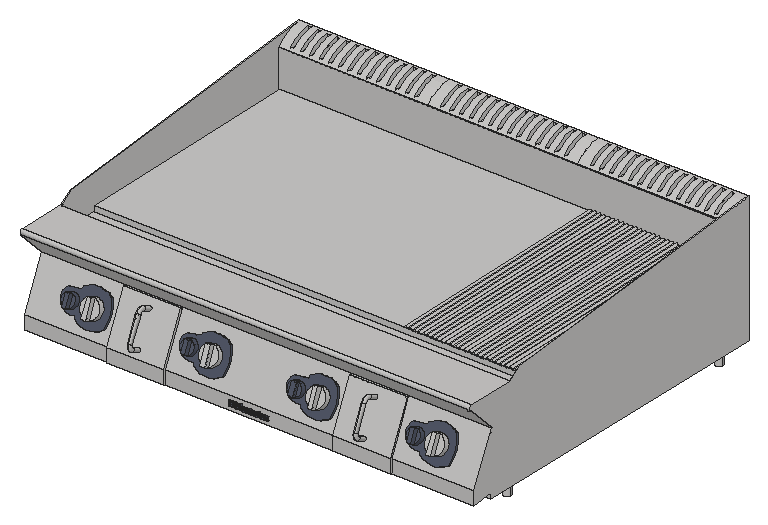
Revit family "QF_ELECTROLUXPROFESSIONAL_391592_E9IIKTAOMII", category Attrezzature speciali, Revit 2018
Family settings
  Quota connettore circolare = Usa diametro
  Tipo di parte = Normale
  Basato su piano di lavoro = No
  Sempre verticale = Sì
  Taglio con vuoti quando caricato = No
  Condiviso = No
  Punto di calcolo locali = No
Parameters (values of type "Standard")
  Weight = 150.00 kg
  Watts = 0 W
  Volts = 0 V
  URL Manufacturer = "https://www.electroluxprofessional.com/"
  URL = "https://www.electroluxprofessional.com/"
  Steam Supply Size = 0"
  Steam Supply Minimum Pressure = 0.00 psi
  Steam Supply Maximum Pressure = 0.00 psi
  Steam Consumption per Hour = 0
  Show Logo [instance] = yes
  Show Clearance [instance] = yes
  Refrigeration Suction Line Size = 0 mm
  Refrigeration Liquid Line Size = 0 mm
  Refrigerant Compressor Remote = yes
  Phase = 0
  Modello = "E9IIKTAOMII"
  Produttore = "Electrolux Professional"
  Length Actual = 1200 mm  # constant formula
  Item Number = "391592"
  Hot Water Size = 0"
  Height Actual = 250 mm  # constant formula
  HP = "0 HP"
  Gas Size = 1/2"
  Gas KW = 33
  Gas Input Pressure = 1.10632 Btu/h
  Direct Waste Size = 0"
  Descrizione = "GAS FRY TOP HP SMOOTH PLATE 1200MM-SCRATCH RESISTANT NITROCHROME3 - QMARK"
  Depth Actual = 930 mm  # constant formula
  Cycle = 0 Hz
  Condensate Return Size = 0"
  Compressed Air Volume = 0 GPM
  Compressed Air Size = 0"
  Compressed Air Pressure = 0.00 psi
  Cold Water Size = 0"
  Accessory = yes
Values of the unnamed type that differ from the named types
  Weight = 0.00 kg
  URL Manufacturer = ""
  Item Number = ""
  HP = ""
  Gas KW = 0
  Gas Input Pressure = 0.0 Btu/h
Reference planes
  plane 1 "BACK": y = 0
  plane 2: z = 0
  plane 3 "LEFT": x = 0
  plane 4 "RIGHT": x = 1200
  plane 5 "FRONT": y = -930
  plane 6 "TOP": z = 369
  plane 7 "Center Y": x = 600
  plane 8 "Center X": y = -465
  plane 9: z = 24
  plane 10: x = 1189
  plane 11: x = 11
  plane 12: z = 275
  plane 13: y = -82
  plane 14: y = -790
  plane 15: x = 8
  plane 16: x = 1192
  plane 17: y = -1106
Forms (mm)
  Extrusion 1, solid, material "QF_Finishes_Stainless Steel"
    sketch origin (0, 0, 0) x (0, 1, 0) y (0, 0, 1)
      loop
        line (-795, 275) -> (-922.639, 275)
        arc (-922.639, 275) -> (-929.44, 270.456) -> (-927.844, 262.434) r 7.361
        line (-927.844, 262.434) -> (-857.044, 191.634) -> (-915, 65.714) -> (-915, 30.922) -> (-860.028, 36.7) -> (-860.028, 24) -> (0, 24) -> (0, 215) -> (-795, 215) -> (-795, 275)
    from 0 to 1200
  Extrusion 2, solid, material "QF_Finishes_Stainless Steel"
    sketch origin (0, 0, 0) x (1, 0, 0) y (0, 1, 0)
      loop
        circle (11, -82) r 9.525
      loop
        circle (11, -790) r 9.525
      loop
        circle (1189, -82) r 9.525
      loop
        circle (1189, -790) r 9.525
    from 0 to 24
  Extrusion 3, solid, material "QF_Finishes_Navy Blue", visible <- "Show Logo"
    sketch origin (201.023, -915, 33.59) x (0, 0, 1) y (-1, 0, 0)
      loop
        line (20.486, -355.047) -> (8.12, -355.047)
        arc (8.12, -355.047) -> (14.303, -359.618) -> (20.486, -355.047) r 6.467
      loop
        arc (20.486, -354.418) -> (19.317, -349.275) -> (14.662, -346.797) r 6.338
        line (14.662, -346.797) -> (14.662, -348.843)
        arc (14.662, -348.843) -> (16.145, -352.498) -> (19.591, -354.418) r 5.941
        line (19.591, -354.418) -> (20.486, -354.418)
      loop
        arc (9.015, -354.418) -> (12.461, -352.498) -> (13.945, -348.843) r 5.941
        line (13.945, -348.843) -> (13.945, -346.797)
        arc (13.945, -346.797) -> (9.25, -349.271) -> (7.961, -354.418) r 6.504
        line (7.961, -354.418) -> (9.015, -354.418)
      loop
        line (21.161, -346.328) -> (7.417, -346.328) -> (7.417, -360.091) -> (21.161, -360.091) -> (21.161, -346.328)
      loop
        arc (21.245, -363.058) -> (20.897, -362.701) -> (20.53, -363.039) r 0.358
        arc (20.53, -363.039) -> (20.216, -363.789) -> (19.499, -364.174) r 1.216
        line (19.499, -364.174) -> (9.087, -364.174)
        arc (9.087, -364.174) -> (8.427, -363.896) -> (8.031, -363.3) r 1.238
        arc (8.031, -363.3) -> (7.636, -363.049) -> (7.33, -363.403) r 0.358
        line (7.33, -363.403) -> (7.33, -373.282) -> (10.081, -373.282) -> (10.081, -372.385)
        arc (10.081, -372.385) -> (9.172, -371.805) -> (8.717, -370.828) r 1.928
        line (8.717, -370.828) -> (8.717, -368.329)
        arc (8.717, -368.329) -> (8.992, -367.6) -> (9.681, -367.236) r 1.101
        line (9.681, -367.236) -> (13.767, -367.236) -> (13.767, -370.909)
        arc (13.767, -370.909) -> (13.415, -371.407) -> (12.849, -371.634) r 1.083
        arc (12.849, -371.634) -> (12.586, -371.94) -> (12.878, -372.218) r 0.292
        line (12.878, -372.218) -> (15.84, -372.218)
        arc (15.84, -372.218) -> (16.143, -371.945) -> (15.904, -371.615) r 0.305
        arc (15.904, -371.615) -> (15.414, -371.367) -> (15.109, -370.909) r 1.083
        line (15.109, -370.909) -> (15.109, -367.236) -> (19.786, -367.236) -> (19.786, -370.983)
        arc (19.786, -370.983) -> (19.572, -371.739) -> (18.965, -372.237) r 1.314
        arc (18.965, -372.237) -> (18.746, -372.641) -> (19.101, -372.933) r 0.361
        line (19.101, -372.933) -> (21.245, -372.933) -> (21.245, -363.058)
      loop
        arc (20.528, -373.714) -> (20.147, -374.633) -> (19.229, -375.013) r 1.299
        line (19.229, -375.013) -> (9.65, -375.013)
        arc (9.65, -375.013) -> (8.812, -374.635) -> (8.54, -373.757) r 1.118
        line (8.54, -373.757) -> (7.33, -373.757) -> (7.33, -379.107) -> (8.519, -379.107)
        arc (8.519, -379.107) -> (8.79, -378.19) -> (9.66, -377.794) r 1.153
        line (9.66, -377.794) -> (21.733, -377.794) -> (20.528, -373.714)
      loop
        line (12.295, -381.743) -> (12.295, -388.191) -> (13.094, -388.191)
        arc (13.094, -388.191) -> (15.675, -387.206) -> (16.943, -384.752) r 3.874
        line (16.943, -384.752) -> (16.943, -382.992)
        arc (16.943, -382.992) -> (15.757, -380.127) -> (12.892, -378.941) r 4.051
        line (12.892, -378.941) -> (10.884, -378.941)
        arc (10.884, -378.941) -> (8.066, -380.426) -> (7.014, -383.433) r 4.352
        arc (7.014, -383.433) -> (7.378, -385.896) -> (8.756, -387.97) r 5.713
        line (8.756, -387.97) -> (9.705, -387.97)
        arc (9.705, -387.97) -> (8.972, -386.401) -> (8.756, -384.683) r 5.579
        arc (8.756, -384.683) -> (9.55, -382.72) -> (11.429, -381.743) r 3.057
        line (11.429, -381.743) -> (12.295, -381.743)
      loop
        line (13.554, -381.743) -> (13.554, -385.325)
        arc (13.554, -385.325) -> (15.011, -385.372) -> (15.894, -384.213) r 1.59
        line (15.894, -384.213) -> (15.894, -383.383)
        arc (15.894, -383.383) -> (15.03, -382.128) -> (13.554, -381.743) r 2.184
      loop
        arc (16.345, -397.608) -> (16.834, -395.934) -> (16.992, -394.197) r 9.023
        line (16.992, -394.197) -> (16.992, -392.835)
        arc (16.992, -392.835) -> (15.832, -390.035) -> (13.033, -388.876) r 3.959
        line (13.033, -388.876) -> (10.432, -388.876)
        arc (10.432, -388.876) -> (8.151, -390.168) -> (7.033, -392.541) r 4.331
        line (7.033, -392.541) -> (7.033, -394.676)
        arc (7.033, -394.676) -> (7.542, -396.226) -> (8.463, -397.572) r 5.772
        arc (8.463, -397.572) -> (9.225, -397.623) -> (9.311, -396.864) r 0.553
        arc (9.311, -396.864) -> (8.924, -396.13) -> (8.79, -395.311) r 2.573
        line (8.79, -395.311) -> (8.79, -393.796)
        arc (8.79, -393.796) -> (9.796, -392.154) -> (11.61, -391.512) r 2.884
        line (11.61, -391.512) -> (12.889, -391.512)
        arc (12.889, -391.512) -> (14.71, -392.072) -> (15.637, -393.737) r 2.554
        line (15.637, -393.737) -> (15.637, -394.79)
        arc (15.637, -394.79) -> (15.305, -395.718) -> (14.648, -396.453) r 2.564
        arc (14.648, -396.453) -> (14.427, -397.17) -> (15.036, -397.608) r 0.643
        line (15.036, -397.608) -> (16.345, -397.608)
      loop
        line (15.327, -397.878) -> (15.327, -399.379) -> (9.279, -399.379)
        arc (9.279, -399.379) -> (7.691, -400.037) -> (7.033, -401.625) r 2.246
        line (7.033, -401.625) -> (7.033, -403.209)
        arc (7.033, -403.209) -> (7.347, -404.073) -> (7.848, -404.845) r 4.06
        arc (7.848, -404.845) -> (8.58, -404.978) -> (8.832, -404.277) r 0.576
        arc (8.832, -404.277) -> (8.726, -403.751) -> (8.79, -403.219) r 1.69
        arc (8.79, -403.219) -> (9.331, -402.431) -> (10.238, -402.128) r 1.506
        line (10.238, -402.128) -> (15.376, -402.128) -> (15.376, -404.525) -> (15.932, -405.081) -> (16.754, -405.081) -> (16.754, -402.222) -> (19.985, -402.222) -> (15.327, -397.878)
      loop
        line (7.251, -405.979) -> (7.251, -411.366) -> (8.361, -411.366)
        arc (8.361, -411.366) -> (8.755, -410.415) -> (9.706, -410.021) r 1.345
        line (9.706, -410.021) -> (13.322, -410.021)
        arc (13.322, -410.021) -> (14.087, -410.613) -> (14.376, -411.535) r 1.615
        line (14.376, -411.535) -> (14.376, -413.091) -> (16.932, -413.776) -> (16.932, -412.393) -> (14.989, -409.834) -> (16.87, -409.834) -> (16.585, -407.128)
        arc (16.585, -407.128) -> (16.146, -406.598) -> (15.487, -406.799) r 0.621
        arc (15.487, -406.799) -> (15.086, -407.141) -> (14.592, -407.324) r 1.501
        line (14.592, -407.324) -> (9.706, -407.324)
        arc (9.706, -407.324) -> (8.755, -406.93) -> (8.361, -405.979) r 1.345
        line (8.361, -405.979) -> (7.251, -405.979)
      loop
        line (13.353, -413.313) -> (10.66, -413.313)
        arc (10.66, -413.313) -> (8.215, -414.621) -> (7.081, -417.151) r 4.288
        arc (7.081, -417.151) -> (7.018, -418.532) -> (7.081, -419.912) r 15.022
        arc (7.081, -419.912) -> (8.215, -422.443) -> (10.66, -423.75) r 4.288
        line (10.66, -423.75) -> (13.353, -423.75)
        arc (13.353, -423.75) -> (15.798, -422.443) -> (16.932, -419.912) r 4.288
        arc (16.932, -419.912) -> (16.996, -418.532) -> (16.932, -417.151) r 15.022
        arc (16.932, -417.151) -> (15.798, -414.621) -> (13.353, -413.313) r 4.288
      loop
        line (13.557, -416.427) -> (10.456, -416.427)
        arc (10.456, -416.427) -> (8.299, -418.584) -> (10.456, -420.741) r 2.157
        line (10.456, -420.741) -> (13.557, -420.741)
        arc (13.557, -420.741) -> (15.714, -418.584) -> (13.557, -416.427) r 2.157
      loop
        arc (20.538, -423.608) -> (20.168, -424.502) -> (19.274, -424.873) r 1.264
        line (19.274, -424.873) -> (9.409, -424.873)
        arc (9.409, -424.873) -> (8.539, -424.476) -> (8.268, -423.56) r 1.153
        line (8.268, -423.56) -> (7.33, -423.56) -> (7.33, -428.668) -> (8.259, -428.668)
        arc (8.259, -428.668) -> (8.618, -427.896) -> (9.409, -427.581) r 1.153
        line (9.409, -427.581) -> (21.733, -427.581) -> (20.538, -423.608)
      loop
        arc (15.658, -428.206) -> (15.459, -429.27) -> (14.49, -429.752) r 1.215
        line (14.49, -429.752) -> (9.47, -429.752)
        arc (9.47, -429.752) -> (7.856, -430.399) -> (7.135, -431.982) r 2.338
        line (7.135, -431.982) -> (7.135, -433.497)
        arc (7.135, -433.497) -> (7.309, -434.501) -> (7.812, -435.387) r 2.979
        line (7.812, -435.387) -> (7.33, -437.184) -> (7.33, -438.872) -> (16.756, -438.872) -> (16.462, -434.669) -> (15.675, -434.669)
        arc (15.675, -434.669) -> (15.32, -435.505) -> (14.567, -436.014) r 1.605
        line (14.567, -436.014) -> (9.465, -436.014)
        arc (9.465, -436.014) -> (9.044, -435.077) -> (8.972, -434.053) r 2.94
        arc (8.972, -434.053) -> (9.532, -432.952) -> (10.686, -432.509) r 1.724
        line (10.686, -432.509) -> (16.882, -432.509) -> (15.658, -428.206)
      loop
        line (16.687, -439.726) -> (15.014, -441.772) -> (11.841, -444.078) -> (8.384, -440.966)
        arc (8.384, -440.966) -> (8.147, -440.572) -> (8.169, -440.113) r 0.789
        line (8.169, -440.113) -> (7.33, -440.113) -> (7.33, -443.658) -> (8.157, -443.658)
        arc (8.157, -443.658) -> (8.499, -443.296) -> (8.989, -443.388) r 0.52
        line (8.989, -443.388) -> (10.789, -444.859) -> (8.67, -446.235)
        arc (8.67, -446.235) -> (8.269, -445.925) -> (8.183, -445.425) r 0.7
        line (8.183, -445.425) -> (7.33, -445.425) -> (7.33, -451.352) -> (8.217, -451.352)
        arc (8.217, -451.352) -> (8.284, -450.693) -> (8.679, -450.162) r 1.247
        line (8.679, -450.162) -> (12.878, -446.881) -> (15.326, -448.934) -> (16.687, -450.676) -> (16.687, -446.952) -> (15.202, -447.375) -> (13.68, -446.098) -> (15.38, -444.908) -> (16.687, -445.684) -> (16.687, -439.726)
    from 0 to 1.644
  Extrusion 4, solid, material "QF_Finishes_Stainless Steel"
    sketch origin (0, 0, 0) x (0, 1, 0) y (0, 0, 1)
      loop
        line (0, 215) -> (0, 369) -> (-761.596, 296.916) -> (-795, 275) -> (-795, 215) -> (0, 215)
    from 0 to 1.6
  Extrusion 5, solid, material "QF_Finishes_Stainless Steel"
    sketch origin (1200, 0, 0) x (0, -1, 0) y (0, 0, 1)
      loop
        line (0, 215) -> (795, 215) -> (795, 275) -> (761.596, 296.916) -> (0, 369) -> (0, 215)
    from 0 to 1.6
  Extrusion 6, solid, material "QF_Finishes_Stainless Steel"
    sketch origin (0, 0, 37.263) x (0, 1, 0) y (0, 0, 1)
      loop
        line (0, 300.038) -> (0, 331.738)
        arc (0, 331.738) -> (-37.941, 322.534) -> (-69.85, 300.038) r 104.419
        line (-69.85, 300.038) -> (0, 300.038)
    from 0 to 400.05
  Extrusion 7, void
    sketch origin (0, 0, 311.9) x (0, -1, 0) y (1, 0, 0)
      loop
        line (6.761, 29.703) -> (63.911, 29.703) -> (63.911, 38.999) -> (6.761, 38.999) -> (6.761, 29.703)
      loop
        line (63.911, 64.487) -> (6.761, 64.487) -> (6.761, 55.191) -> (63.911, 55.191) -> (63.911, 64.487)
      loop
        line (63.911, 89.975) -> (6.761, 89.975) -> (6.761, 80.68) -> (63.911, 80.68) -> (63.911, 89.975)
      loop
        line (63.911, 115.464) -> (6.761, 115.464) -> (6.761, 106.168) -> (63.911, 106.168) -> (63.911, 115.464)
      loop
        line (63.911, 140.952) -> (6.761, 140.952) -> (6.761, 131.656) -> (63.911, 131.656) -> (63.911, 140.952)
      loop
        line (63.911, 166.44) -> (6.761, 166.44) -> (6.761, 157.145) -> (63.911, 157.145) -> (63.911, 166.44)
      loop
        line (63.911, 191.929) -> (6.761, 191.929) -> (6.761, 182.633) -> (63.911, 182.633) -> (63.911, 191.929)
      loop
        line (63.911, 217.417) -> (6.761, 217.417) -> (6.761, 208.121) -> (63.911, 208.121) -> (63.911, 217.417)
      loop
        line (63.911, 242.905) -> (6.761, 242.905) -> (6.761, 233.61) -> (63.911, 233.61) -> (63.911, 242.905)
      loop
        line (63.911, 268.394) -> (6.761, 268.394) -> (6.761, 259.098) -> (63.911, 259.098) -> (63.911, 268.394)
      loop
        line (63.911, 293.882) -> (6.761, 293.882) -> (6.761, 284.586) -> (63.911, 284.586) -> (63.911, 293.882)
      loop
        line (63.911, 319.37) -> (6.761, 319.37) -> (6.761, 310.075) -> (63.911, 310.075) -> (63.911, 319.37)
      loop
        line (63.911, 344.859) -> (6.761, 344.859) -> (6.761, 335.563) -> (63.911, 335.563) -> (63.911, 344.859)
      loop
        line (63.911, 370.347) -> (6.761, 370.347) -> (6.761, 361.051) -> (63.911, 361.051) -> (63.911, 370.347)
    from 27.825 to 63.5
  Extrusion 8, solid, material "QF_Finishes_Stainless Steel"
    sketch origin (400.05, 0, 37.263) x (0, 1, 0) y (0, 0, 1)
      loop
        line (0, 300.038) -> (0, 331.738)
        arc (0, 331.738) -> (-37.941, 322.534) -> (-69.85, 300.038) r 104.419
        line (-69.85, 300.038) -> (0, 300.038)
    from 0 to 400.05
  Extrusion 9, void
    sketch origin (400.05, 0, 311.9) x (0, -1, 0) y (1, 0, 0)
      loop
        line (6.761, 29.703) -> (63.911, 29.703) -> (63.911, 38.999) -> (6.761, 38.999) -> (6.761, 29.703)
      loop
        line (63.911, 64.487) -> (6.761, 64.487) -> (6.761, 55.191) -> (63.911, 55.191) -> (63.911, 64.487)
      loop
        line (63.911, 89.975) -> (6.761, 89.975) -> (6.761, 80.68) -> (63.911, 80.68) -> (63.911, 89.975)
      loop
        line (63.911, 115.464) -> (6.761, 115.464) -> (6.761, 106.168) -> (63.911, 106.168) -> (63.911, 115.464)
      loop
        line (63.911, 140.952) -> (6.761, 140.952) -> (6.761, 131.656) -> (63.911, 131.656) -> (63.911, 140.952)
      loop
        line (63.911, 166.44) -> (6.761, 166.44) -> (6.761, 157.145) -> (63.911, 157.145) -> (63.911, 166.44)
      loop
        line (63.911, 191.929) -> (6.761, 191.929) -> (6.761, 182.633) -> (63.911, 182.633) -> (63.911, 191.929)
      loop
        line (63.911, 217.417) -> (6.761, 217.417) -> (6.761, 208.121) -> (63.911, 208.121) -> (63.911, 217.417)
      loop
        line (63.911, 242.905) -> (6.761, 242.905) -> (6.761, 233.61) -> (63.911, 233.61) -> (63.911, 242.905)
      loop
        line (63.911, 268.394) -> (6.761, 268.394) -> (6.761, 259.098) -> (63.911, 259.098) -> (63.911, 268.394)
      loop
        line (63.911, 293.882) -> (6.761, 293.882) -> (6.761, 284.586) -> (63.911, 284.586) -> (63.911, 293.882)
      loop
        line (63.911, 319.37) -> (6.761, 319.37) -> (6.761, 310.075) -> (63.911, 310.075) -> (63.911, 319.37)
      loop
        line (63.911, 344.859) -> (6.761, 344.859) -> (6.761, 335.563) -> (63.911, 335.563) -> (63.911, 344.859)
      loop
        line (63.911, 370.347) -> (6.761, 370.347) -> (6.761, 361.051) -> (63.911, 361.051) -> (63.911, 370.347)
    from 27.825 to 63.5
  Extrusion 10, solid, material "QF_Finishes_Stainless Steel"
    sketch origin (800.1, 0, 37.263) x (0, 1, 0) y (0, 0, 1)
      loop
        line (0, 300.038) -> (0, 331.738)
        arc (0, 331.738) -> (-37.941, 322.534) -> (-69.85, 300.038) r 104.419
        line (-69.85, 300.038) -> (0, 300.038)
    from 0 to 399.9
  Extrusion 11, void
    sketch origin (800.1, 0, 311.9) x (0, -1, 0) y (1, 0, 0)
      loop
        line (6.761, 29.703) -> (63.911, 29.703) -> (63.911, 38.999) -> (6.761, 38.999) -> (6.761, 29.703)
      loop
        line (63.911, 64.487) -> (6.761, 64.487) -> (6.761, 55.191) -> (63.911, 55.191) -> (63.911, 64.487)
      loop
        line (63.911, 89.975) -> (6.761, 89.975) -> (6.761, 80.68) -> (63.911, 80.68) -> (63.911, 89.975)
      loop
        line (63.911, 115.464) -> (6.761, 115.464) -> (6.761, 106.168) -> (63.911, 106.168) -> (63.911, 115.464)
      loop
        line (63.911, 140.952) -> (6.761, 140.952) -> (6.761, 131.656) -> (63.911, 131.656) -> (63.911, 140.952)
      loop
        line (63.911, 166.44) -> (6.761, 166.44) -> (6.761, 157.145) -> (63.911, 157.145) -> (63.911, 166.44)
      loop
        line (63.911, 191.929) -> (6.761, 191.929) -> (6.761, 182.633) -> (63.911, 182.633) -> (63.911, 191.929)
      loop
        line (63.911, 217.417) -> (6.761, 217.417) -> (6.761, 208.121) -> (63.911, 208.121) -> (63.911, 217.417)
      loop
        line (63.911, 242.905) -> (6.761, 242.905) -> (6.761, 233.61) -> (63.911, 233.61) -> (63.911, 242.905)
      loop
        line (63.911, 268.394) -> (6.761, 268.394) -> (6.761, 259.098) -> (63.911, 259.098) -> (63.911, 268.394)
      loop
        line (63.911, 293.882) -> (6.761, 293.882) -> (6.761, 284.586) -> (63.911, 284.586) -> (63.911, 293.882)
      loop
        line (63.911, 319.37) -> (6.761, 319.37) -> (6.761, 310.075) -> (63.911, 310.075) -> (63.911, 319.37)
      loop
        line (63.911, 344.859) -> (6.761, 344.859) -> (6.761, 335.563) -> (63.911, 335.563) -> (63.911, 344.859)
      loop
        line (63.911, 370.347) -> (6.761, 370.347) -> (6.761, 361.051) -> (63.911, 361.051) -> (63.911, 370.347)
    from 27.825 to 63.5
  Extrusion 12, solid, material "QF_Finishes_Stainless Steel"
    sketch origin (0, 0, 0) x (0, 1, 0) y (0, 0, 1)
      loop
        line (-71.515, 238.235) -> (-689.956, 230) -> (-689.956, 215) -> (-71.515, 215) -> (-71.515, 238.235)
    from 8 to 1192
  Extrusion 13, solid, material "QF_Finishes_Stainless Steel"
    sketch origin (0, -795, 215) x (0, 1, 0) y (-1, 0, 0)
      loop
        line (795, -1.6) -> (723.485, -1.6) -> (723.485, -1198.4) -> (795, -1198.4) -> (795, -1.6)
    from 0 to 122.3
  Extrusion 14, solid, material "QF_Finishes_Stainless Steel"
    sketch origin (221.15, -201.228, -3.289) x (0, 1, 0) y (0, 0, 1)
      loop
        line (-657.416, 191.447) -> (-660.323, 192.784) -> (-716.972, 69.704) -> (-716.972, 34.211) -> (-713.772, 34.211) -> (-713.772, 69.003) -> (-657.416, 191.447)
    from 0 to 153.85
  Extrusion 15, solid, material "QF_Door-Drawer Clearances", visible <- "Show Clearance", detail levels coarse
    sketch origin (221.15, -201.228, -3.289) x (0, 1, 0) y (0, 0, 1)
      loop
        line (-660.323, 192.784) -> (-823.717, 192.784) -> (-880.366, 69.704) -> (-880.366, 34.211) -> (-716.972, 34.211) -> (-716.972, 69.704) -> (-660.323, 192.784)
    from 0 to 153.85
  Extrusion 16, solid, material "QF_Finishes_Stainless Steel"
    sketch origin (978.85, -201.228, -3.289) x (0, 1, 0) y (0, 0, -1)
      loop
        line (-657.416, -191.447) -> (-713.772, -69.003) -> (-713.772, -34.211) -> (-716.972, -34.211) -> (-716.972, -69.704) -> (-660.323, -192.784) -> (-657.416, -191.447)
    from 0 to 153.85
  Extrusion 17, solid, material "QF_Door-Drawer Clearances", visible <- "Show Clearance", detail levels coarse
    sketch origin (978.85, -201.228, -3.289) x (0, 1, 0) y (0, 0, -1)
      loop
        line (-660.323, -192.784) -> (-716.972, -69.704) -> (-716.972, -34.211) -> (-880.366, -34.211) -> (-880.366, -69.704) -> (-823.717, -192.784) -> (-660.323, -192.784)
    from 0 to 153.85
  Extrusion 18, solid, material "QF_Finishes_Navy Blue"
    sketch origin (-58.715, -915.512, 64.603) x (0, 0.418102, 0.9084) y (-1, 0, 0)
      loop
        arc (104.355, -502.587) -> (101.326, -501.258) -> (98.25, -500.039) r 91.066
        arc (98.25, -500.039) -> (96.592, -482.449) -> (93.213, -465.107) r 179.528
        arc (93.213, -465.107) -> (69.244, -452.795) -> (45.274, -465.107) r 29.489
        arc (45.274, -465.107) -> (38.909, -481.441) -> (37.449, -498.912) r 61.044
        arc (37.449, -498.912) -> (34.471, -499.962) -> (31.532, -501.116) r 91.066
        arc (31.532, -501.116) -> (19.517, -540.223) -> (32.929, -578.873) r 65.817
        arc (32.929, -578.873) -> (68.105, -585.173) -> (102.996, -577.452) r 91.066
        arc (102.996, -577.452) -> (115.418, -540.233) -> (104.355, -502.587) r 65.546
    from 0 to 3.175
  Extrusion 19, solid, material "QF_Finishes_Stainless Steel"
    sketch origin (320.035, -919.225, 64.128) x (0, 0.418102, 0.9084) y (-1, 0, 0)
      loop
        circle (68.826, -160.963) r 25.4
    from 0 to 12.7
  Extrusion 20, solid, material "QF_Finishes_Stainless Steel"
    sketch origin (320.035, -930.762, 69.438) x (0, 0.418102, 0.9084) y (-1, 0, 0)
      loop
        arc (93.558, -166.749) -> (94.226, -160.963) -> (93.558, -155.177) r 25.4
        line (93.558, -155.177) -> (44.094, -155.177)
        arc (44.094, -155.177) -> (43.426, -160.963) -> (44.094, -166.749) r 25.4
        line (44.094, -166.749) -> (93.558, -166.749)
    from 0 to 12.7
  Extrusion 21, solid, material "QF_Finishes_Navy Blue"
    sketch origin (262.535, -919.225, 64.128) x (0, 0.418102, 0.9084) y (-1, 0, 0)
      loop
        circle (68.826, -160.963) r 18.37
    from 0 to 12.7
  Extrusion 22, solid, material "QF_Finishes_Navy Blue"
    sketch origin (261.244, -930.762, 69.438) x (0, 0.418102, 0.9084) y (-1, 0, 0)
      loop
        arc (84.808, -167.687) -> (85.476, -161.901) -> (84.808, -156.114) r 25.4
        line (84.808, -156.114) -> (52.844, -156.114)
        arc (52.844, -156.114) -> (52.176, -161.901) -> (52.844, -167.687) r 25.4
        line (52.844, -167.687) -> (84.808, -167.687)
    from 0 to 8.112
  Extrusion 23, solid, material "QF_Finishes_Navy Blue"
    sketch origin (-376.215, -915.512, 64.603) x (0, 0.418102, 0.9084) y (-1, 0, 0)
      loop
        arc (104.355, -502.587) -> (101.326, -501.258) -> (98.25, -500.039) r 91.066
        arc (98.25, -500.039) -> (96.592, -482.449) -> (93.213, -465.107) r 179.528
        arc (93.213, -465.107) -> (69.244, -452.795) -> (45.274, -465.107) r 29.489
        arc (45.274, -465.107) -> (38.909, -481.441) -> (37.449, -498.912) r 61.044
        arc (37.449, -498.912) -> (34.471, -499.962) -> (31.532, -501.116) r 91.066
        arc (31.532, -501.116) -> (19.517, -540.223) -> (32.929, -578.873) r 65.817
        arc (32.929, -578.873) -> (68.105, -585.173) -> (102.996, -577.452) r 91.066
        arc (102.996, -577.452) -> (115.418, -540.233) -> (104.355, -502.587) r 65.546
    from 0 to 3.175
  Extrusion 24, solid, material "QF_Finishes_Stainless Steel"
    sketch origin (2.535, -919.225, 64.128) x (0, 0.418102, 0.9084) y (-1, 0, 0)
      loop
        circle (68.826, -160.963) r 25.4
    from 0 to 12.7
  Extrusion 25, solid, material "QF_Finishes_Stainless Steel"
    sketch origin (2.535, -930.762, 69.438) x (0, 0.418102, 0.9084) y (-1, 0, 0)
      loop
        arc (93.558, -166.749) -> (94.226, -160.963) -> (93.558, -155.177) r 25.4
        line (93.558, -155.177) -> (44.094, -155.177)
        arc (44.094, -155.177) -> (43.426, -160.963) -> (44.094, -166.749) r 25.4
        line (44.094, -166.749) -> (93.558, -166.749)
    from 0 to 12.7
  Extrusion 26, solid, material "QF_Finishes_Navy Blue"
    sketch origin (-54.965, -919.225, 64.128) x (0, 0.418102, 0.9084) y (-1, 0, 0)
      loop
        circle (68.826, -160.963) r 18.37
    from 0 to 12.7
  Extrusion 27, solid, material "QF_Finishes_Navy Blue"
    sketch origin (-56.256, -930.762, 69.438) x (0, 0.418102, 0.9084) y (-1, 0, 0)
      loop
        arc (84.808, -167.687) -> (85.476, -161.901) -> (84.808, -156.114) r 25.4
        line (84.808, -156.114) -> (52.844, -156.114)
        arc (52.844, -156.114) -> (52.176, -161.901) -> (52.844, -167.687) r 25.4
        line (52.844, -167.687) -> (84.808, -167.687)
    from 0 to 8.112
  Extrusion 28, solid, material "QF_Finishes_Navy Blue"
    sketch origin (545.135, -915.512, 64.603) x (0, 0.418102, 0.9084) y (-1, 0, 0)
      loop
        arc (104.355, -502.587) -> (101.326, -501.258) -> (98.25, -500.039) r 91.066
        arc (98.25, -500.039) -> (96.592, -482.449) -> (93.213, -465.107) r 179.528
        arc (93.213, -465.107) -> (69.244, -452.795) -> (45.274, -465.107) r 29.489
        arc (45.274, -465.107) -> (38.909, -481.441) -> (37.449, -498.912) r 61.044
        arc (37.449, -498.912) -> (34.471, -499.962) -> (31.532, -501.116) r 91.066
        arc (31.532, -501.116) -> (19.517, -540.223) -> (32.929, -578.873) r 65.817
        arc (32.929, -578.873) -> (68.105, -585.173) -> (102.996, -577.452) r 91.066
        arc (102.996, -577.452) -> (115.418, -540.233) -> (104.355, -502.587) r 65.546
    from 0 to 3.175
  Extrusion 29, solid, material "QF_Finishes_Stainless Steel"
    sketch origin (923.885, -919.225, 64.128) x (0, 0.418102, 0.9084) y (-1, 0, 0)
      loop
        circle (68.826, -160.963) r 25.4
    from 0 to 12.7
  Extrusion 30, solid, material "QF_Finishes_Stainless Steel"
    sketch origin (923.885, -930.762, 69.438) x (0, 0.418102, 0.9084) y (-1, 0, 0)
      loop
        arc (93.558, -166.749) -> (94.226, -160.963) -> (93.558, -155.177) r 25.4
        line (93.558, -155.177) -> (44.094, -155.177)
        arc (44.094, -155.177) -> (43.426, -160.963) -> (44.094, -166.749) r 25.4
        line (44.094, -166.749) -> (93.558, -166.749)
    from 0 to 12.7
  Extrusion 31, solid, material "QF_Finishes_Navy Blue"
    sketch origin (866.385, -919.225, 64.128) x (0, 0.418102, 0.9084) y (-1, 0, 0)
      loop
        circle (68.826, -160.963) r 18.37
    from 0 to 12.7
  Extrusion 32, solid, material "QF_Finishes_Navy Blue"
    sketch origin (865.094, -930.762, 69.438) x (0, 0.418102, 0.9084) y (-1, 0, 0)
      loop
        arc (84.808, -167.687) -> (85.476, -161.901) -> (84.808, -156.114) r 25.4
        line (84.808, -156.114) -> (52.844, -156.114)
        arc (52.844, -156.114) -> (52.176, -161.901) -> (52.844, -167.687) r 25.4
        line (52.844, -167.687) -> (84.808, -167.687)
    from 0 to 8.112
  Extrusion 33, solid, material "QF_Finishes_Navy Blue"
    sketch origin (227.635, -915.512, 64.603) x (0, 0.418102, 0.9084) y (-1, 0, 0)
      loop
        arc (104.355, -502.587) -> (101.326, -501.258) -> (98.25, -500.039) r 91.066
        arc (98.25, -500.039) -> (96.592, -482.449) -> (93.213, -465.107) r 179.528
        arc (93.213, -465.107) -> (69.244, -452.795) -> (45.274, -465.107) r 29.489
        arc (45.274, -465.107) -> (38.909, -481.441) -> (37.449, -498.912) r 61.044
        arc (37.449, -498.912) -> (34.471, -499.962) -> (31.532, -501.116) r 91.066
        arc (31.532, -501.116) -> (19.517, -540.223) -> (32.929, -578.873) r 65.817
        arc (32.929, -578.873) -> (68.105, -585.173) -> (102.996, -577.452) r 91.066
        arc (102.996, -577.452) -> (115.418, -540.233) -> (104.355, -502.587) r 65.546
    from 0 to 3.175
  Extrusion 34, solid, material "QF_Finishes_Stainless Steel"
    sketch origin (606.385, -919.225, 64.128) x (0, 0.418102, 0.9084) y (-1, 0, 0)
      loop
        circle (68.826, -160.963) r 25.4
    from 0 to 12.7
  Extrusion 35, solid, material "QF_Finishes_Stainless Steel"
    sketch origin (606.385, -930.762, 69.438) x (0, 0.418102, 0.9084) y (-1, 0, 0)
      loop
        arc (93.558, -166.749) -> (94.226, -160.963) -> (93.558, -155.177) r 25.4
        line (93.558, -155.177) -> (44.094, -155.177)
        arc (44.094, -155.177) -> (43.426, -160.963) -> (44.094, -166.749) r 25.4
        line (44.094, -166.749) -> (93.558, -166.749)
    from 0 to 12.7
  Extrusion 36, solid, material "QF_Finishes_Navy Blue"
    sketch origin (548.885, -919.225, 64.128) x (0, 0.418102, 0.9084) y (-1, 0, 0)
      loop
        circle (68.826, -160.963) r 18.37
    from 0 to 12.7
  Extrusion 37, solid, material "QF_Finishes_Navy Blue"
    sketch origin (547.594, -930.762, 69.438) x (0, 0.418102, 0.9084) y (-1, 0, 0)
      loop
        arc (84.808, -167.687) -> (85.476, -161.901) -> (84.808, -156.114) r 25.4
        line (84.808, -156.114) -> (52.844, -156.114)
        arc (52.844, -156.114) -> (52.176, -161.901) -> (52.844, -167.687) r 25.4
        line (52.844, -167.687) -> (84.808, -167.687)
    from 0 to 8.112
  Extrusion 38, solid, material "QF_Finishes_Stainless Steel"
    sketch origin (0, 0, 311.9) x (0, 0, 1) y (1, 0, 0)
      loop
        circle (-252.55, 1155) r 6.35
    from 0 to 1.6
  Sweep 39, solid, material "QF_Door-Drawer Clearances", visible <- "Show Clearance", detail levels coarse
    path origin (298.65, -364.622, -3.289) x (0, 1, 0) y (0, 0, 1)
      loop
        line (-670.615, 170.424) -> (-691.243, 179.918)
        arc (-691.243, 179.918) -> (-700.956, 180.294) -> (-708.09, 173.692) r 12.7
        line (-708.09, 173.692) -> (-735.638, 113.839)
        arc (-735.638, 113.839) -> (-736.013, 104.126) -> (-729.411, 96.993) r 12.7
        line (-729.411, 96.993) -> (-708.782, 87.498)
    profile origin (298.65, -1045.551, 171.882) x (0, -0.418102, -0.9084) y (1, 0, 0)
      loop
        circle (0, 0) r 4.572
  Sweep 40, solid, material "QF_Door-Drawer Clearances", visible <- "Show Clearance", detail levels coarse
    path origin (901.35, -364.622, -3.289) x (0, 1, 0) y (0, 0, -1)
      loop
        line (-670.615, -170.424) -> (-691.243, -179.918)
        arc (-691.243, -179.918) -> (-700.956, -180.294) -> (-708.09, -173.692) r 12.7
        line (-708.09, -173.692) -> (-735.638, -113.839)
        arc (-735.638, -113.839) -> (-736.013, -104.126) -> (-729.411, -96.993) r 12.7
        line (-729.411, -96.993) -> (-708.782, -87.498)
    profile origin (901.35, -1045.551, 171.882) x (0, 0.418102, 0.9084) y (-1, 0, 0)
      loop
        circle (0, 0) r 4.572
  Extrusion 41, void
    sketch origin (0, 0, 0) x (1, 0, 0) y (0, 1, 0)
      loop
        circle (299.572, -743.936) r 20
      loop
        circle (900.428, -743.936) r 20
    from 174.463 to 215
  Extrusion 42, solid, material "QF_Clearances", visible <- "Show Clearance", detail levels coarse
    sketch origin (0, 0, 0) x (1, 0, 0) y (0, 1, 0)
      loop
        line (1200, -930) -> (1300, -930) -> (1300, 100) -> (-100, 100) -> (-100, -930) -> (0, -930) -> (0, 0) -> (1200, 0) -> (1200, -930)
    from 0 to 369
  Sweep 43, solid, material "QF_Finishes_Stainless Steel"
    path origin (432.78, 0, 0) x (0, 1, 0) y (0, 0, 1)
      loop
        line (-71.515, 238.235) -> (-689.956, 230)
    profile origin (432.78, -380.735, 234.118) x (0, 0.013315, -0.999911) y (1, 0, 0)
      loop
        line (0, 759.22) -> (-3.736, 755.344) -> (0, 751.467) -> (0, 759.22)
      loop
        line (0, 747.086) -> (-3.736, 743.209) -> (0, 739.332) -> (0, 747.086)
      loop
        line (0, 734.951) -> (-3.736, 731.075) -> (0, 727.198) -> (0, 734.951)
      loop
        line (0, 722.817) -> (-3.736, 718.94) -> (0, 715.063) -> (0, 722.817)
      loop
        line (0, 710.682) -> (-3.736, 706.806) -> (0, 702.929) -> (0, 710.682)
      loop
        line (0, 698.548) -> (-3.736, 694.671) -> (0, 690.794) -> (0, 698.548)
      loop
        line (0, 686.413) -> (-3.736, 682.537) -> (0, 678.66) -> (0, 686.413)
      loop
        line (0, 674.279) -> (-3.736, 670.402) -> (0, 666.525) -> (0, 674.279)
      loop
        line (0, 662.144) -> (-3.736, 658.268) -> (0, 654.391) -> (0, 662.144)
      loop
        line (0, 650.01) -> (-3.736, 646.133) -> (0, 642.256) -> (0, 650.01)
      loop
        line (0, 637.875) -> (-3.736, 633.999) -> (0, 630.122) -> (0, 637.875)
      loop
        line (0, 625.741) -> (-3.736, 621.864) -> (0, 617.987) -> (0, 625.741)
      loop
        line (0, 613.606) -> (-3.736, 609.73) -> (0, 605.853) -> (0, 613.606)
      loop
        line (0, 601.472) -> (-3.736, 597.595) -> (0, 593.718) -> (0, 601.472)
      loop
        line (0, 589.337) -> (-3.736, 585.46) -> (0, 581.584) -> (0, 589.337)
      loop
        line (0, 577.203) -> (-3.736, 573.326) -> (0, 569.449) -> (0, 577.203)
      loop
        line (0, 565.068) -> (-3.736, 561.191) -> (0, 557.315) -> (0, 565.068)
      loop
        line (0, 552.934) -> (-3.736, 549.057) -> (0, 545.18) -> (0, 552.934)
      loop
        line (0, 540.799) -> (-3.736, 536.922) -> (0, 533.046) -> (0, 540.799)
      loop
        line (0, 528.665) -> (-3.736, 524.788) -> (0, 520.911) -> (0, 528.665)
      loop
        line (0, 516.53) -> (-3.736, 512.653) -> (0, 508.777) -> (0, 516.53)
      loop
        line (0, 504.396) -> (-3.736, 500.519) -> (0, 496.642) -> (0, 504.396)
      loop
        line (0, 492.261) -> (-3.736, 488.384) -> (0, 484.508) -> (0, 492.261)
      loop
        line (0, 480.127) -> (-3.736, 476.25) -> (0, 472.373) -> (0, 480.127)
      loop
        line (0, 467.992) -> (-3.736, 464.115) -> (0, 460.239) -> (0, 467.992)
      loop
        line (0, 455.857) -> (-3.736, 451.981) -> (0, 448.104) -> (0, 455.857)
      loop
        line (0, 443.723) -> (-3.736, 439.846) -> (0, 435.969) -> (0, 443.723)
      loop
        line (0, 431.588) -> (-3.736, 427.712) -> (0, 423.835) -> (0, 431.588)
      loop
        line (0, 419.454) -> (-3.736, 415.577) -> (0, 411.7) -> (0, 419.454)
      loop
        line (0, 407.319) -> (-3.736, 403.443) -> (0, 399.566) -> (0, 407.319)
  Sweep 44, solid, material "QF_Finishes_Stainless Steel"
    path origin (298.65, -201.228, -3.289) x (0, 1, 0) y (0, 0, 1)
      loop
        line (-670.615, 170.424) -> (-691.243, 179.918)
        arc (-691.243, 179.918) -> (-700.956, 180.294) -> (-708.09, 173.692) r 12.7
        line (-708.09, 173.692) -> (-735.638, 113.839)
        arc (-735.638, 113.839) -> (-736.013, 104.126) -> (-729.411, 96.993) r 12.7
        line (-729.411, 96.993) -> (-708.782, 87.498)
    profile origin (298.65, -882.157, 171.882) x (0, -0.418102, -0.9084) y (1, 0, 0)
      loop
        circle (0, 0) r 4.572
  Sweep 45, solid, material "QF_Finishes_Stainless Steel"
    path origin (901.35, -201.228, -3.289) x (0, 1, 0) y (0, 0, -1)
      loop
        line (-670.615, -170.424) -> (-691.243, -179.918)
        arc (-691.243, -179.918) -> (-700.956, -180.294) -> (-708.09, -173.692) r 12.7
        line (-708.09, -173.692) -> (-735.638, -113.839)
        arc (-735.638, -113.839) -> (-736.013, -104.126) -> (-729.411, -96.993) r 12.7
        line (-729.411, -96.993) -> (-708.782, -87.498)
    profile origin (901.35, -882.157, 171.882) x (0, 0.418102, 0.9084) y (-1, 0, 0)
      loop
        circle (0, 0) r 4.572
Cuts and joins
  Extrusion 41 cuts Extrusion 1
  Extrusion 7, Extrusion 9 cuts Extrusion 6
  Extrusion 9, Extrusion 11 cuts Extrusion 8
  Extrusion 11 cuts Extrusion 10
  joined: Extrusion 1, Extrusion 4, Extrusion 5, Extrusion 6, Extrusion 8, Extrusion 10, Extrusion 13
Lines and regions (mm)
  symbolic lines
    curve 1: circle (299.572, -743.936, 0) r 20 normal (0, 0, 1)
    curve 2: circle (900.428, -743.936, 0) r 20 normal (0, 0, -1)
    curve 3: line (1200, -930, 0) -> (0, -930, 0)
    curve 4: line (0, 0, 0) -> (0, -930, 0)
    curve 5: line (1200, -930, 0) -> (1200, 0, 0)
    curve 6: line (1200, 0, 0) -> (0, 0, 0)
    curve 7: line (0, -689.956, 0) -> (1200, -689.956, 0)
    curve 8: line (1198.4, -795, 0) -> (1.6, -795, 0)
    curve 27: line (0, -71.515, 0) -> (1200, -71.515, 0)
    curve 28: line (1170.447, -63.911, 0) -> (1161.151, -63.911, 0)
    curve 29: line (1170.447, -6.761, 0) -> (1170.447, -63.911, 0)
    curve 30: line (1161.151, -6.761, 0) -> (1170.447, -6.761, 0)
    curve 31: line (1161.151, -63.911, 0) -> (1161.151, -6.761, 0)
    curve 32: line (1144.959, -63.911, 0) -> (1135.663, -63.911, 0)
    curve 33: line (1144.959, -6.761, 0) -> (1144.959, -63.911, 0)
    curve 34: line (1135.663, -6.761, 0) -> (1144.959, -6.761, 0)
    curve 35: line (1135.663, -63.911, 0) -> (1135.663, -6.761, 0)
    curve 36: line (1119.47, -63.911, 0) -> (1110.175, -63.911, 0)
    curve 37: line (1119.47, -6.761, 0) -> (1119.47, -63.911, 0)
    curve 38: line (1110.175, -6.761, 0) -> (1119.47, -6.761, 0)
    curve 39: line (1110.175, -63.911, 0) -> (1110.175, -6.761, 0)
    curve 40: line (1093.982, -63.911, 0) -> (1084.686, -63.911, 0)
    curve 41: line (1093.982, -6.761, 0) -> (1093.982, -63.911, 0)
    curve 42: line (1084.686, -6.761, 0) -> (1093.982, -6.761, 0)
    curve 43: line (1084.686, -63.911, 0) -> (1084.686, -6.761, 0)
    curve 44: line (1068.494, -63.911, 0) -> (1059.198, -63.911, 0)
    curve 45: line (1068.494, -6.761, 0) -> (1068.494, -63.911, 0)
    curve 46: line (1059.198, -6.761, 0) -> (1068.494, -6.761, 0)
    curve 47: line (1059.198, -63.911, 0) -> (1059.198, -6.761, 0)
    curve 48: line (1043.005, -63.911, 0) -> (1033.71, -63.911, 0)
    curve 49: line (1043.005, -6.761, 0) -> (1043.005, -63.911, 0)
    curve 50: line (1033.71, -6.761, 0) -> (1043.005, -6.761, 0)
    curve 51: line (1033.71, -63.911, 0) -> (1033.71, -6.761, 0)
    curve 52: line (1017.517, -63.911, 0) -> (1008.221, -63.911, 0)
    curve 53: line (1017.517, -6.761, 0) -> (1017.517, -63.911, 0)
    curve 54: line (1008.221, -6.761, 0) -> (1017.517, -6.761, 0)
    curve 55: line (1008.221, -63.911, 0) -> (1008.221, -6.761, 0)
    curve 56: line (992.029, -63.911, 0) -> (982.733, -63.911, 0)
    curve 57: line (992.029, -6.761, 0) -> (992.029, -63.911, 0)
    curve 58: line (982.733, -6.761, 0) -> (992.029, -6.761, 0)
    curve 59: line (982.733, -63.911, 0) -> (982.733, -6.761, 0)
    curve 60: line (966.54, -63.911, 0) -> (957.245, -63.911, 0)
    curve 61: line (966.54, -6.761, 0) -> (966.54, -63.911, 0)
    curve 62: line (957.245, -6.761, 0) -> (966.54, -6.761, 0)
    curve 63: line (957.245, -63.911, 0) -> (957.245, -6.761, 0)
    curve 64: line (941.052, -63.911, 0) -> (931.756, -63.911, 0)
    curve 65: line (941.052, -6.761, 0) -> (941.052, -63.911, 0)
    curve 66: line (931.756, -6.761, 0) -> (941.052, -6.761, 0)
    curve 67: line (931.756, -63.911, 0) -> (931.756, -6.761, 0)
    curve 68: line (915.564, -63.911, 0) -> (906.268, -63.911, 0)
    curve 69: line (915.564, -6.761, 0) -> (915.564, -63.911, 0)
    curve 70: line (906.268, -6.761, 0) -> (915.564, -6.761, 0)
    curve 71: line (906.268, -63.911, 0) -> (906.268, -6.761, 0)
    curve 72: line (890.075, -63.911, 0) -> (880.78, -63.911, 0)
    curve 73: line (890.075, -6.761, 0) -> (890.075, -63.911, 0)
    curve 74: line (880.78, -6.761, 0) -> (890.075, -6.761, 0)
    curve 75: line (880.78, -63.911, 0) -> (880.78, -6.761, 0)
    curve 76: line (864.587, -63.911, 0) -> (855.291, -63.911, 0)
    curve 77: line (864.587, -6.761, 0) -> (864.587, -63.911, 0)
    curve 78: line (855.291, -6.761, 0) -> (864.587, -6.761, 0)
    curve 79: line (855.291, -63.911, 0) -> (855.291, -6.761, 0)
    curve 80: line (839.099, -63.911, 0) -> (829.803, -63.911, 0)
    curve 81: line (839.099, -6.761, 0) -> (839.099, -63.911, 0)
    curve 82: line (829.803, -6.761, 0) -> (839.099, -6.761, 0)
    curve 83: line (829.803, -63.911, 0) -> (829.803, -6.761, 0)
    curve 84: line (770.397, -63.911, 0) -> (761.101, -63.911, 0)
    curve 85: line (770.397, -6.761, 0) -> (770.397, -63.911, 0)
    curve 86: line (761.101, -6.761, 0) -> (770.397, -6.761, 0)
    curve 87: line (761.101, -63.911, 0) -> (761.101, -6.761, 0)
    curve 88: line (744.909, -63.911, 0) -> (735.613, -63.911, 0)
    curve 89: line (744.909, -6.761, 0) -> (744.909, -63.911, 0)
    curve 90: line (735.613, -6.761, 0) -> (744.909, -6.761, 0)
    curve 91: line (735.613, -63.911, 0) -> (735.613, -6.761, 0)
    curve 92: line (719.42, -63.911, 0) -> (710.125, -63.911, 0)
    curve 93: line (719.42, -6.761, 0) -> (719.42, -63.911, 0)
    curve 94: line (710.125, -6.761, 0) -> (719.42, -6.761, 0)
    curve 95: line (710.125, -63.911, 0) -> (710.125, -6.761, 0)
    curve 96: line (693.932, -63.911, 0) -> (684.636, -63.911, 0)
    curve 97: line (693.932, -6.761, 0) -> (693.932, -63.911, 0)
    curve 98: line (684.636, -6.761, 0) -> (693.932, -6.761, 0)
    curve 99: line (684.636, -63.911, 0) -> (684.636, -6.761, 0)
    curve 100: line (668.444, -63.911, 0) -> (659.148, -63.911, 0)
    curve 101: line (668.444, -6.761, 0) -> (668.444, -63.911, 0)
    curve 102: line (659.148, -6.761, 0) -> (668.444, -6.761, 0)
    curve 103: line (659.148, -63.911, 0) -> (659.148, -6.761, 0)
    curve 104: line (642.955, -63.911, 0) -> (633.66, -63.911, 0)
    curve 105: line (642.955, -6.761, 0) -> (642.955, -63.911, 0)
    curve 106: line (633.66, -6.761, 0) -> (642.955, -6.761, 0)
    curve 107: line (633.66, -63.911, 0) -> (633.66, -6.761, 0)
    curve 108: line (617.467, -63.911, 0) -> (608.171, -63.911, 0)
    curve 109: line (617.467, -6.761, 0) -> (617.467, -63.911, 0)
    curve 110: line (608.171, -6.761, 0) -> (617.467, -6.761, 0)
    curve 111: line (608.171, -63.911, 0) -> (608.171, -6.761, 0)
    curve 112: line (591.979, -63.911, 0) -> (582.683, -63.911, 0)
    curve 113: line (591.979, -6.761, 0) -> (591.979, -63.911, 0)
    curve 114: line (582.683, -6.761, 0) -> (591.979, -6.761, 0)
    curve 115: line (582.683, -63.911, 0) -> (582.683, -6.761, 0)
    curve 116: line (566.49, -63.911, 0) -> (557.195, -63.911, 0)
    curve 117: line (566.49, -6.761, 0) -> (566.49, -63.911, 0)
    curve 118: line (557.195, -6.761, 0) -> (566.49, -6.761, 0)
    curve 119: line (557.195, -63.911, 0) -> (557.195, -6.761, 0)
    curve 120: line (541.002, -63.911, 0) -> (531.706, -63.911, 0)
    curve 121: line (541.002, -6.761, 0) -> (541.002, -63.911, 0)
    curve 122: line (531.706, -6.761, 0) -> (541.002, -6.761, 0)
    curve 123: line (531.706, -63.911, 0) -> (531.706, -6.761, 0)
    curve 124: line (515.514, -63.911, 0) -> (506.218, -63.911, 0)
    curve 125: line (515.514, -6.761, 0) -> (515.514, -63.911, 0)
    curve 126: line (506.218, -6.761, 0) -> (515.514, -6.761, 0)
    curve 127: line (506.218, -63.911, 0) -> (506.218, -6.761, 0)
    curve 128: line (490.025, -63.911, 0) -> (480.73, -63.911, 0)
    curve 129: line (490.025, -6.761, 0) -> (490.025, -63.911, 0)
    curve 130: line (480.73, -6.761, 0) -> (490.025, -6.761, 0)
    curve 131: line (480.73, -63.911, 0) -> (480.73, -6.761, 0)
    curve 132: line (464.537, -63.911, 0) -> (455.241, -63.911, 0)
    curve 133: line (464.537, -6.761, 0) -> (464.537, -63.911, 0)
    curve 134: line (455.241, -6.761, 0) -> (464.537, -6.761, 0)
    curve 135: line (455.241, -63.911, 0) -> (455.241, -6.761, 0)
    curve 136: line (439.049, -63.911, 0) -> (429.753, -63.911, 0)
    curve 137: line (439.049, -6.761, 0) -> (439.049, -63.911, 0)
    curve 138: line (429.753, -6.761, 0) -> (439.049, -6.761, 0)
    curve 139: line (429.753, -63.911, 0) -> (429.753, -6.761, 0)
    curve 140: line (370.347, -63.911, 0) -> (361.051, -63.911, 0)
    curve 141: line (370.347, -6.761, 0) -> (370.347, -63.911, 0)
    curve 142: line (361.051, -6.761, 0) -> (370.347, -6.761, 0)
    curve 143: line (361.051, -63.911, 0) -> (361.051, -6.761, 0)
    curve 144: line (344.859, -63.911, 0) -> (335.563, -63.911, 0)
    curve 145: line (344.859, -6.761, 0) -> (344.859, -63.911, 0)
    curve 146: line (335.563, -6.761, 0) -> (344.859, -6.761, 0)
    curve 147: line (335.563, -63.911, 0) -> (335.563, -6.761, 0)
    curve 148: line (319.37, -63.911, 0) -> (310.075, -63.911, 0)
    curve 149: line (319.37, -6.761, 0) -> (319.37, -63.911, 0)
    curve 150: line (310.075, -6.761, 0) -> (319.37, -6.761, 0)
    curve 151: line (310.075, -63.911, 0) -> (310.075, -6.761, 0)
    curve 152: line (293.882, -63.911, 0) -> (284.586, -63.911, 0)
    curve 153: line (293.882, -6.761, 0) -> (293.882, -63.911, 0)
    curve 154: line (284.586, -6.761, 0) -> (293.882, -6.761, 0)
    curve 155: line (284.586, -63.911, 0) -> (284.586, -6.761, 0)
    curve 156: line (268.394, -63.911, 0) -> (259.098, -63.911, 0)
    curve 157: line (268.394, -6.761, 0) -> (268.394, -63.911, 0)
    curve 158: line (259.098, -6.761, 0) -> (268.394, -6.761, 0)
    curve 159: line (259.098, -63.911, 0) -> (259.098, -6.761, 0)
    curve 160: line (242.905, -63.911, 0) -> (233.61, -63.911, 0)
    curve 161: line (242.905, -6.761, 0) -> (242.905, -63.911, 0)
    curve 162: line (233.61, -6.761, 0) -> (242.905, -6.761, 0)
    curve 163: line (233.61, -63.911, 0) -> (233.61, -6.761, 0)
    curve 164: line (217.417, -63.911, 0) -> (208.121, -63.911, 0)
    curve 165: line (217.417, -6.761, 0) -> (217.417, -63.911, 0)
    curve 166: line (208.121, -6.761, 0) -> (217.417, -6.761, 0)
    curve 167: line (208.121, -63.911, 0) -> (208.121, -6.761, 0)
    curve 168: line (191.929, -63.911, 0) -> (182.633, -63.911, 0)
    curve 169: line (191.929, -6.761, 0) -> (191.929, -63.911, 0)
    curve 170: line (182.633, -6.761, 0) -> (191.929, -6.761, 0)
    curve 171: line (182.633, -63.911, 0) -> (182.633, -6.761, 0)
    curve 172: line (166.44, -63.911, 0) -> (157.145, -63.911, 0)
    curve 173: line (166.44, -6.761, 0) -> (166.44, -63.911, 0)
    curve 174: line (157.145, -6.761, 0) -> (166.44, -6.761, 0)
    curve 175: line (157.145, -63.911, 0) -> (157.145, -6.761, 0)
    curve 176: line (140.952, -63.911, 0) -> (131.656, -63.911, 0)
    curve 177: line (140.952, -6.761, 0) -> (140.952, -63.911, 0)
    curve 178: line (131.656, -6.761, 0) -> (140.952, -6.761, 0)
    curve 179: line (131.656, -63.911, 0) -> (131.656, -6.761, 0)
    curve 180: line (115.464, -63.911, 0) -> (106.168, -63.911, 0)
    curve 181: line (115.464, -6.761, 0) -> (115.464, -63.911, 0)
    curve 182: line (106.168, -6.761, 0) -> (115.464, -6.761, 0)
    curve 183: line (106.168, -63.911, 0) -> (106.168, -6.761, 0)
    curve 184: line (89.975, -63.911, 0) -> (80.68, -63.911, 0)
    curve 185: line (89.975, -6.761, 0) -> (89.975, -63.911, 0)
    curve 186: line (80.68, -6.761, 0) -> (89.975, -6.761, 0)
    curve 187: line (80.68, -63.911, 0) -> (80.68, -6.761, 0)
    curve 188: line (64.487, -63.911, 0) -> (55.191, -63.911, 0)
    curve 189: line (64.487, -6.761, 0) -> (64.487, -63.911, 0)
    curve 190: line (55.191, -6.761, 0) -> (64.487, -6.761, 0)
    curve 191: line (55.191, -63.911, 0) -> (55.191, -6.761, 0)
    curve 192: line (38.999, -63.911, 0) -> (29.703, -63.911, 0)
    curve 193: line (38.999, -6.761, 0) -> (38.999, -63.911, 0)
    curve 194: line (29.703, -6.761, 0) -> (38.999, -6.761, 0)
    curve 195: line (29.703, -63.911, 0) -> (29.703, -6.761, 0)
    curve 199: line (836.222, -71.515, 0) -> (836.222, -689.956, 0)
    curve 200: line (848.357, -71.515, 0) -> (848.357, -689.956, 0)
    curve 201: line (860.491, -71.515, 0) -> (860.491, -689.956, 0)
    curve 202: line (872.626, -71.515, 0) -> (872.626, -689.956, 0)
    curve 203: line (884.76, -71.515, 0) -> (884.76, -689.956, 0)
    curve 204: line (896.895, -71.515, 0) -> (896.895, -689.956, 0)
    curve 205: line (909.029, -71.515, 0) -> (909.029, -689.956, 0)
    curve 206: line (921.164, -71.515, 0) -> (921.164, -689.956, 0)
    curve 207: line (933.298, -71.515, 0) -> (933.298, -689.956, 0)
    curve 208: line (945.433, -71.515, 0) -> (945.433, -689.956, 0)
    curve 209: line (957.567, -71.515, 0) -> (957.567, -689.956, 0)
    curve 210: line (969.702, -71.515, 0) -> (969.702, -689.956, 0)
    curve 211: line (981.836, -71.515, 0) -> (981.836, -689.956, 0)
    curve 212: line (993.971, -71.515, 0) -> (993.971, -689.956, 0)
    curve 213: line (1006.105, -71.515, 0) -> (1006.105, -689.956, 0)
    curve 214: line (1018.24, -71.515, 0) -> (1018.24, -689.956, 0)
    curve 215: line (1030.374, -71.515, 0) -> (1030.374, -689.956, 0)
    curve 216: line (1042.509, -71.515, 0) -> (1042.509, -689.956, 0)
    curve 217: line (1054.644, -71.515, 0) -> (1054.644, -689.956, 0)
    curve 218: line (1066.778, -71.515, 0) -> (1066.778, -689.956, 0)
    curve 219: line (1078.913, -71.515, 0) -> (1078.913, -689.956, 0)
    curve 220: line (1091.047, -71.515, 0) -> (1091.047, -689.956, 0)
    curve 221: line (1103.182, -71.515, 0) -> (1103.182, -689.956, 0)
    curve 222: line (1115.316, -71.515, 0) -> (1115.316, -689.956, 0)
    curve 223: line (1127.451, -71.515, 0) -> (1127.451, -689.956, 0)
    curve 224: line (1139.585, -71.515, 0) -> (1139.585, -689.956, 0)
    curve 225: line (1151.72, -71.515, 0) -> (1151.72, -689.956, 0)
    curve 226: line (1163.854, -71.515, 0) -> (1163.854, -689.956, 0)
    curve 227: line (1175.989, -71.515, 0) -> (1175.989, -689.956, 0)
    curve 228: line (1188.123, -71.515, 0) -> (1188.123, -689.956, 0)
    curve 229: line (400.05, -71.515, 0) -> (400.05, 0, 0)
    curve 230: line (800.1, -71.515, 0) -> (800.1, 0, 0)
  symbolic lines, style "QF_Door-Drawer Clearances"
    curve 9: line (221.15, -930, 0) -> (221.15, -1081.594, 0)
    curve 10: line (221.15, -1081.594, 0) -> (294.081, -1081.594, 0)
    curve 11: line (375, -1081.594, 0) -> (375, -930, 0)
    curve 12: spline (294.081, -1035.236, 0) -> (294.113, -1034.988, 0) -> (294.209, -1034.744, 0) -> (294.367, -1034.509, 0) -> (294.585, -1034.286, 0) -> (294.858, -1034.079, 0) -> (295.183, -1033.892, 0) -> (295.552, -1033.728, 0) -> (295.961, -1033.59, 0) -> (296.402, -1033.48, 0) -> (296.868, -1033.4, 0) -> (297.35, -1033.352, 0) -> (297.841, -1033.336, 0)
    curve 13: spline (297.841, -1033.336, 0) -> (298.509, -1033.314, 0) -> (299.178, -1033.332, 0) -> (299.834, -1033.388, 0) -> (300.463, -1033.483, 0) -> (301.053, -1033.614, 0) -> (301.591, -1033.778, 0) -> (302.067, -1033.972, 0) -> (302.47, -1034.193, 0) -> (302.792, -1034.434, 0) -> (303.028, -1034.692, 0) -> (303.171, -1034.961, 0) -> (303.219, -1035.236, 0)
    curve 14: line (294.081, -1035.236, 0) -> (294.081, -1101.431, 0)
    curve 15: line (303.219, -1035.236, 0) -> (303.219, -1101.431, 0)
    curve 16: arc (294.081, -1101.431, 0) -> (298.65, -1106, 0) -> (303.219, -1101.431, 0) r 4.569
    curve 17: line (303.219, -1081.594, 0) -> (375, -1081.594, 0)
    curve 18: line (825, -930, 0) -> (825, -1081.594, 0)
    curve 19: line (825, -1081.594, 0) -> (897.931, -1081.594, 0)
    curve 20: line (978.85, -1081.594, 0) -> (978.85, -930, 0)
    curve 21: spline (897.931, -1035.236, 0) -> (897.963, -1034.988, 0) -> (898.059, -1034.744, 0) -> (898.217, -1034.509, 0) -> (898.435, -1034.286, 0) -> (898.708, -1034.079, 0) -> (899.033, -1033.892, 0) -> (899.402, -1033.728, 0) -> (899.811, -1033.59, 0) -> (900.252, -1033.48, 0) -> (900.718, -1033.4, 0) -> (901.2, -1033.352, 0) -> (901.691, -1033.336, 0)
    curve 22: spline (901.691, -1033.336, 0) -> (902.359, -1033.314, 0) -> (903.028, -1033.332, 0) -> (903.684, -1033.388, 0) -> (904.313, -1033.483, 0) -> (904.903, -1033.614, 0) -> (905.441, -1033.778, 0) -> (905.917, -1033.972, 0) -> (906.32, -1034.193, 0) -> (906.642, -1034.434, 0) -> (906.878, -1034.692, 0) -> (907.021, -1034.961, 0) -> (907.069, -1035.236, 0)
    curve 23: line (897.931, -1035.236, 0) -> (897.931, -1101.431, 0)
    curve 24: line (907.069, -1035.236, 0) -> (907.069, -1101.431, 0)
    curve 25: arc (897.931, -1101.431, 0) -> (902.5, -1106, 0) -> (907.069, -1101.431, 0) r 4.569
    curve 26: line (907.069, -1081.594, 0) -> (978.85, -1081.594, 0)
  symbolic lines, style "QF_Clearances", visible <- "Show Clearance", detail levels coarse
    curve 196: line (1300, -930, 0) -> (1300, 100, 0)
    curve 197: line (1300, 100, 0) -> (-100, 100, 0)
    curve 198: line (-100, 100, 0) -> (-100, -930, 0)
Dimensions and locks
  equal spacing: plane 3 "LEFT", plane 7 "Center Y", plane 4 "RIGHT"
  plane 3 "LEFT" to plane 4 "RIGHT" = 1200 mm
  equal spacing: plane 5 "FRONT", plane 8 "Center X", plane 1 "BACK"
  plane 5 "FRONT" to plane 1 "BACK" = 930 mm
  plane 6 "TOP" to level = 369 mm
  plane 6 "TOP" to plane 9 = 345 mm
  locked: plane 4 "RIGHT" to plane 10 at 11
  locked: plane 3 "LEFT" to plane 11 at 11
  plane 11 to plane 10 = 1178 mm
  plane 9 to level = 24 mm
  plane 12 to plane 9 = 251 mm
  plane 1 "BACK" to plane 13 = 82 mm
  plane 13 to plane 14 = 708 mm
  plane 14 to Extrusion 1 = 125 mm
  plane 15 to plane 3 "LEFT" = 8 mm
  locked: plane 16 to plane 4 "RIGHT" at 8
  plane 1 "BACK" to plane 17 = 1106 mm
  Extrusion 38 to plane 4 "RIGHT" = 45 mm
  Extrusion 38 to plane 9 = 29 mm
  aligned and locked: level to plane 2
  aligned and locked: Extrusion 1 to plane 4 "RIGHT"
  aligned and locked: Extrusion 12 to plane 15
  aligned and locked: Extrusion 12 to plane 16
Automatic sketch dimensions
  Extrusion 1 sketch curve to plane 12 = 0 mm
  Extrusion 1 sketch curve to plane 9 = 0 mm
  Extrusion 1 sketch curve to plane 1 "BACK" = 0 mm
  plane 14 to Extrusion 1 sketch curve = 5 mm
  Extrusion 1 sketch curve to Extrusion 1 sketch curve = 62.044 mm
  Extrusion 1 sketch curve to plane 5 "FRONT" = 69.972 mm
  Extrusion 1 sketch curve to plane 5 "FRONT" = 15 mm
  Extrusion 1 sketch curve to plane 5 "FRONT" = 7.361 mm
  Extrusion 1 sketch curve to plane 5 "FRONT" = 2.156 mm
  plane 9 to Extrusion 1 sketch curve = 6.922 mm
  Extrusion 1 sketch curve to Extrusion 1 sketch curve = 12.7 mm
  Extrusion 1 sketch curve to Extrusion 1 sketch curve = 34.792 mm
  Extrusion 1 sketch curve to plane 12 = 83.366 mm
  Extrusion 1 sketch curve to plane 12 = 60 mm
  Extrusion 1 sketch curve to plane 12 = 12.566 mm
  Extrusion 2 sketch curve to plane 11 = 0 mm  (x2)
  Extrusion 2 sketch curve to plane 10 = 0 mm  (x2)
  plane 14 to Extrusion 2 sketch curve = 0 mm  (x2)
  plane 13 to Extrusion 2 sketch curve = 0 mm  (x2)
  plane 9 to Extrusion 3 sketch curve = 11.563 mm
  plane 9 to Extrusion 3 sketch curve = 16.604 mm
  plane 7 "Center Y" to Extrusion 3 sketch curve = 4.232 mm
  Extrusion 3 sketch curve to Extrusion 3 sketch curve = 5.06 mm
  Extrusion 3 sketch curve to Extrusion 3 sketch curve = 0 mm  (x28)
  Extrusion 3 sketch curve to Extrusion 3 sketch curve = 5.108 mm  (x2)
  Extrusion 3 sketch curve to Extrusion 3 sketch curve = 0.054 mm
  Extrusion 3 sketch curve to Extrusion 3 sketch curve = 0.218 mm
  Extrusion 3 sketch curve to Extrusion 3 sketch curve = 0.195 mm
  Extrusion 3 sketch curve to Extrusion 3 sketch curve = 0.249 mm
  plane 9 to Extrusion 3 sketch curve = 16.921 mm
  Extrusion 3 sketch curve to Extrusion 3 sketch curve = 0.087 mm
  Extrusion 3 sketch curve to Extrusion 3 sketch curve = 0.358 mm
  Extrusion 3 sketch curve to Extrusion 3 sketch curve = 0.481 mm
  Extrusion 3 sketch curve to Extrusion 3 sketch curve = 0.597 mm
  Extrusion 3 sketch curve to Extrusion 3 sketch curve = 0.544 mm
  Extrusion 3 sketch curve to Extrusion 3 sketch curve = 0.936 mm
  Extrusion 3 sketch curve to Extrusion 3 sketch curve = 0.594 mm
  Extrusion 3 sketch curve to Extrusion 3 sketch curve = 0.343 mm
  Extrusion 3 sketch curve to Extrusion 3 sketch curve = 0.159 mm
  Extrusion 3 sketch curve to Extrusion 3 sketch curve = 0.826 mm
  Extrusion 3 sketch curve to Extrusion 3 sketch curve = 0.839 mm
  Extrusion 3 sketch curve to Extrusion 3 sketch curve = 0.852 mm
